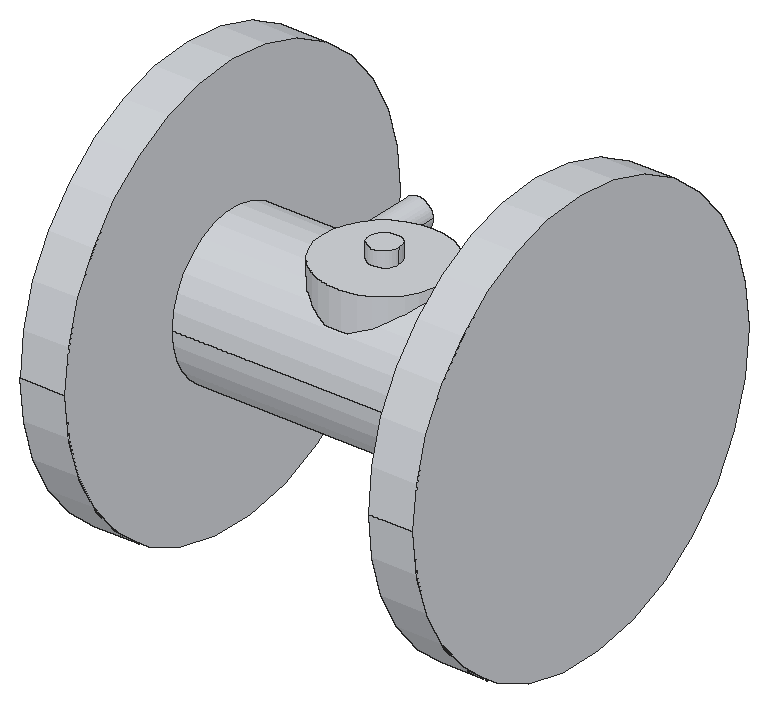
Revit family "M_Compositor de circuito - 65-100 mm", category Acessórios do tubo, Revit 2019
Family settings
  Cota do conector redondo = Usar raio
  Tipo de parte = Válvula - Quebra entre
  Número OmniClass = 23.65.55.14.17
  Título OmniClass = Adjusting/Controlling Valves for Liquid Services
  ID de item do Seek = Circuit Setter - 65-100 mm-0000-CAN-ENU
  Com base no plano de trabalho = Não
  Sempre na vertical = Sim
  Corte com vazios quando carregada = Não
  Compartilhado = Não
Parameters (values of type "65 mm")
  Raio 1 = Raio nominal * 0.8  # 26 mm
  Comprimento total = 167 mm
  Raio externo = Raio nominal * 1.5  # 48.75 mm
  Raio nominal = 32.5 mm
  Diâmetros nominais = Raio nominal * 2  # 65 mm
  Comprimento 2 = Raio externo + 31.75 mm  # 80.5 mm
  Comprimento 1 = 0.2 * Comprimento total  # 33.4 mm
  K Coefficient = 1
  Altura 1 = 1.1 * Raio nominal  # 35.75 mm
  Raio da flange = Diâmetro da flange / 2  # 89 mm
  Diâmetro da flange = 178 mm
  Diâmetro 1 = 1.6 * Raio nominal  # 52 mm
  Material do compositor de circuito = none
Types (4, lengths in mm): name | Raio 1 | Comprimento total | Raio externo | Raio nominal | Diâmetros nominais | Comprimento 2 | Comprimento 1 | K Coefficient | Altura 1 | Raio da flange | Diâmetro da flange | Diâmetro 1
  (no name) | 26 | 167 | 48.75 | 32.5 | 65 | 80.5 | 33.4 | 1 | 35.75 | 89 | 178 | 52
  65 mm | 26 | 167 | 48.75 | 32.5 | 65 | 80.5 | 33.4 | 1 | 35.75 | 89 | 178 | 52
  80 mm | 32 | 173 | 60 | 40 | 80 | 91.75 | 34.6 | 0.35 | 44 | 95.5 | 191 | 64
  100 mm | 40 | 203 | 75 | 50 | 100 | 106.75 | 40.6 | 4.31 | 55 | 114.5 | 229 | 80
Reference planes
  plane 1 "Centro (Frente/Trás)": y = 0
  plane 2 "Centro (Elevação)": z = 0
  plane 3 "Centro (Esquerda/Direita)": x = 0
  plane 4: x = -83.5
  plane 5: x = 83.5
  plane 6: y = 80.5
  plane 7: y = -80.5
  plane 8: x = -50.1
  plane 9: x = 50.1
  plane 10: x = -64.45
  plane 11: x = 64.45
  plane 12: z = 35.75
  plane 13: z = 42.1
Forms (mm)
  Extrusion 1, solid, material <- "Material do compositor de circuito", detail levels fine
    sketch origin (0, 0, 0) x (0, 1, 0) y (0, 0, 1)
      loop
        circle (0, 0) r 89
    from 64.45 to 83.5
  Extrusion 2, solid, material <- "Material do compositor de circuito", detail levels fine
    sketch origin (0, 0, 0) x (0, 1, 0) y (0, 0, -1)
      loop
        circle (0, 0) r 89
    from 64.45 to 83.5
  Extrusion 3, solid, material <- "Material do compositor de circuito", detail levels fine
    sketch origin (121.92, 0, 0) x (0, 1, 0) y (0, 0, -1)
      loop
        circle (0, 0) r 32.5
    from 57.47 to 186.37
  Extrusion 4, solid, material <- "Material do compositor de circuito", detail levels fine
    sketch origin (0, 0, 0) x (1, 0, 0) y (0, 0, 1)
      loop
        circle (-50.1, 0) r 6.35
    from 0 to -80.5
  Extrusion 5, solid, material <- "Material do compositor de circuito", detail levels fine
    sketch origin (0, 0, 0) x (-1, 0, 0) y (0, 0, -1)
      loop
        circle (-50.1, 0) r 6.35
    from 0 to -80.5
  Extrusion 6, solid, material <- "Material do compositor de circuito", detail levels fine
    sketch origin (0, 0, 0) x (1, 0, 0) y (0, 1, 0)
      loop
        circle (0, 0) r 26
    from 0 to 35.75
  Extrusion 7, solid, material <- "Material do compositor de circuito", detail levels fine
    sketch origin (0, 0, 0) x (1, 0, 0) y (0, 1, 0)
      loop
        circle (0, 0) r 6.35
    from 35.75 to 42.1
Cuts and joins
  joined: Extrusion 1, Extrusion 2, Extrusion 3, Extrusion 4, Extrusion 5, Extrusion 6, Extrusion 7
Lines and regions (mm)
  model lines, detail levels coarse+medium
    curve 1: line (0, 0, 0) -> (83.5, -48.209, 0)
    curve 2: line (0, 0, 0) -> (83.5, 48.209, 0)
    curve 3: line (0, 0, 0) -> (-83.5, 48.209, 0)
    curve 4: line (0, 0, 0) -> (-83.5, -48.209, 0)
    curve 5: line (-83.5, -48.209, 0) -> (-83.5, 48.209, 0)
    curve 6: line (83.5, 48.209, 0) -> (83.5, -48.209, 0)
Dimensions and locks
  equal spacing: plane 4, plane 3 "Centro (Esquerda/Direita)", plane 5
  "Comprimento 2": plane 6 to plane 1 "Centro (Frente/Trás)"
  "Comprimento total": plane 4 to plane 5
  equal spacing: plane 6, plane 1 "Centro (Frente/Trás)", plane 7
  "Comprimento 1": plane 4 to plane 8
  "Comprimento 1": plane 9 to plane 5
  locked: plane 4 to plane 10 at 19.05
  locked: plane 11 to plane 5 at 19.05
  "Altura 1": plane 12 to plane 2 "Centro (Elevação)"
  locked: plane 13 to plane 12 at 6.35
  "Raio da flange": radius of Extrusion 1 sketch curve
  "Raio da flange": radius of Extrusion 2 sketch curve
  "Raio nominal": radius of Extrusion 3 sketch curve
  radius of Extrusion 4 sketch curve = 6.35 mm
  radius of Extrusion 5 sketch curve = 6.35 mm
  "Raio 1": radius of Extrusion 6 sketch curve
  radius of Extrusion 7 sketch curve = 6.35 mm
  locked: plane 1 "Centro (Frente/Trás)" to curve 2 (angle 30.00°)
  locked: curve 1 to plane 1 "Centro (Frente/Trás)" (angle 30.00°)
  locked: curve 3 to plane 1 "Centro (Frente/Trás)" (angle 30.00°)
  locked: plane 1 "Centro (Frente/Trás)" to curve 4 (angle 30.00°)
  aligned and locked: plane 1 "Centro (Frente/Trás)" to Extrusion 1 sketch curve
  aligned and locked: plane 2 "Centro (Elevação)" to Extrusion 1 sketch curve
  aligned and locked: plane 5 to Extrusion 1
  aligned and locked: Extrusion 1 to plane 11
  aligned and locked: Extrusion 2 to plane 4
  aligned and locked: plane 10 to Extrusion 2
  aligned and locked: Extrusion 3 to plane 10
  aligned and locked: plane 11 to Extrusion 3
  aligned and locked: level to Extrusion 4 sketch curve
  aligned and locked: plane 8 to Extrusion 4 sketch curve
  aligned and locked: level to Extrusion 5 sketch curve
  aligned and locked: plane 9 to Extrusion 5 sketch curve
  aligned and locked: plane 6 to Extrusion 5
  aligned and locked: plane 6 to Extrusion 4
  aligned and locked: plane 1 "Centro (Frente/Trás)" to curve 1
  aligned and locked: plane 5 to curve 1
  aligned and locked: plane 3 "Centro (Esquerda/Direita)" to curve 2
  aligned and locked: plane 1 "Centro (Frente/Trás)" to Extrusion 6 sketch curve
  aligned and locked: plane 3 "Centro (Esquerda/Direita)" to Extrusion 6 sketch curve
  aligned and locked: plane 12 to Extrusion 6
  aligned and locked: Extrusion 6 to level
  aligned and locked: plane 1 "Centro (Frente/Trás)" to Extrusion 7 sketch curve
  aligned and locked: plane 13 to Extrusion 7
  aligned and locked: Extrusion 7 to cut or joined group of Extrusion 1, Extrusion 2, Extrusion 3, Extrusion 4, Extrusion 5, Extrusion 6, Extrusion 7
  aligned and locked: plane 4 to curve 3
Automatic sketch dimensions
  Extrusion 7 sketch curve to plane 3 "Centro (Esquerda/Direita)" = 0 mm
  Extrusion 2 sketch curve to level = 0 mm
  Extrusion 2 sketch curve to plane 1 "Centro (Frente/Trás)" = 0 mm
  Extrusion 3 sketch curve to level = 0 mm
  Extrusion 3 sketch curve to plane 1 "Centro (Frente/Trás)" = 0 mm
Connectors
  piping at (-83.5, 0, 0), diameter 65, driven by "Raio nominal"
    settings: on Extrusion 2, index 1, connector inside diameter 65 mm, connector length 0 mm, flow factor 0, pipe flow 0.0 L/s, pressure drop 0.0 Pa, fitting loss kfactor 0, connector angle 0.00°, fixture units 0, engagement length 0 mm, angle of deflection 0.00°, flow configuration 0, flow direction 0, fitting loss method 2, system type 29, joint type 0, gender type 0, connector reference index 2, connector utility 0, adjustable connector no, is connector primary yes, connector description ""
  piping at (83.5, 0, 0), diameter 65, driven by "Raio nominal", driven by "K Coefficient"
    settings: on Extrusion 1, index 2, connector inside diameter 65 mm, connector length 0 mm, flow factor 0, pipe flow 0.0 L/s, pressure drop 0.0 Pa, fitting loss kfactor 1, connector angle 0.00°, fixture units 0, engagement length 0 mm, angle of deflection 0.00°, flow configuration 0, flow direction 0, fitting loss method 2, system type 29, joint type 0, gender type 0, connector reference index 1, connector utility 0, adjustable connector no, is connector primary no, connector description ""
